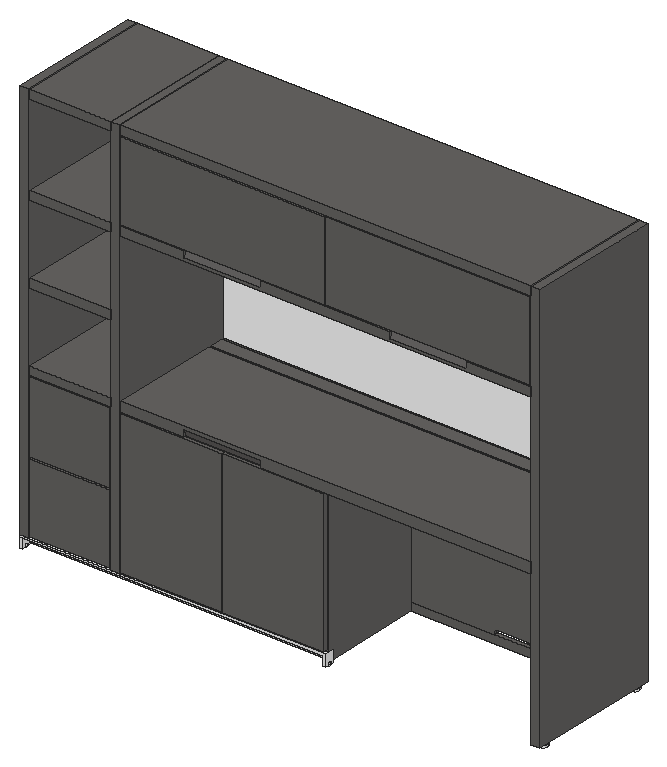
Revit family "Storage-Wall-Teknion-ZXLL_74_High_With_Lights-R2011", category Furniture Systems, Revit 2013
Parameters (values of type "(See Type Catalog)")
  Working Wall Finish [instance] = Glass - Teknion - K6 - White Backpainted
  Width = 92.642"
  Warranty = "http://www.teknionstudio.com/pdfs/Teknion%20Studio%20Warranty.pdf"
  Wall Unit Finish [instance] = Veneer - Teknion - P7 - Grey Oak
  Voltage = 120 V
  Unit Weight = 685.00 lbf
  URL = "www.teknionstudio.com"
  Tabletop Cutout Offset = if(Has Double Doors, 0", 4")  # 0"
  Storage Tower = Storage-Unit-Teknion-Tower : Upper Shelves & File/File Pedestal
  Series = "B&B Italia"
  Product Page URL = "http://www.teknionstudio.com/acexecutive/"
  Product Line = "AC Executive"
  Product Documentation Link = "http://www.teknionstudio.com/pricing/ac_executive_storage_walls_ppg.pdf"
  Power Factor = 1
  Part Number = "ZXLL"
  Number of Poles = 1
  Model = ""
  Manufacturer Phone = "919-464-2920"
  Manufacturer Fax = "919-464-2927"
  Manufacturer Email = "customersupport@teknionstudio.com"
  Manufacturer Address = "3940 US 70 Business HWY West, Clayton, NC 27520"
  Manufacturer = "Teknion Studio"  # constant formula
  Low Emitting Material = yes
  Low Emitting Finish = yes
  Height = 73.81394"
  Has File File Drawers = not(Has Double Doors)  # no
  Has Double Doors = yes
  Description = ""
  Depth = 24"
  Assembly Code = "E2020200"
  Apparent Load = 22.8 VA
Reference planes (in)
  plane 1 "Center F/B": y = 0
  plane 2: z = 0
  plane 3 "Back": y = 12
  plane 4 "Front": y = -12
  plane 5 "Top": z = 73.81394
  plane 6: x = 28.60446
  plane 7: z = 29.68402
  plane 8: z = 56.1289
  plane 9: x = -44.7815
  plane 10: z = 2.1289
  plane 11: x = -8.08858
  plane 12 "Foot Centerline": y = -11.2126
  plane 13 "Tabletop Cutout": y = -12
  plane 14 "Foot Centerline Front": y = -10.22835
  plane 15 "Foot Centerline Back": y = 10.22835
  plane 16: y = -8.484
  plane 17 "Left": x = -62.49817
  plane 18 "Right": x = 30.14383
  plane 19 "Center L/R": x = -16.17717
Forms (in)
  Sweep 1, solid, material "Veneer - Teknion - P7 - Grey Oak" <- "Wall Unit Finish"
    path origin (0, 0, 15.40683) x (-1, 0, 0) y (0, -1, 0)
      loop
        line (0, -12) -> (0, 12)
    profile origin (0, 0, 15.40683) x (1, 0, 0) y (0, 0, 1)
      loop
        line (30.14383, -14.81732) -> (30.14383, 58.4071) -> (28.60446, 58.4071) -> (28.60446, -14.81732) -> (30.14383, -14.81732)
  Sweep 2, solid, material "Metal - Teknion - C6 - Chrome"
    path origin (0, 0, 0) x (1, 0, 0) y (0, 0, 1)
      loop
        line (-44.7815, 2.1289) -> (-8.08858, 2.1289) -> (-8.08858, 0.05803)
    profile origin (-26.43504, 0, 2.1289) x (0, 0, 1) y (0, -1, 0)
      loop
        line (0, 12) -> (-0.394, 12) -> (-0.394, 10.4252) -> (0, 10.4252) -> (0, 12)
  Sweep 3, solid, material "Metal - Teknion - C6 - Chrome"
    path origin (0, 0, 0) x (1, 0, 0) y (0, 0, 1)
      loop
        line (-44.7815, 2.1289) -> (-8.08858, 2.1289)
    profile origin (-26.43504, 0, 2.1289) x (0, 0, 1) y (0, -1, 0)
      loop
        line (-0.394, 10.6222) -> (-1.5748, 10.6222) -> (-1.5748, 10.4252) -> (-0.394, 10.4252) -> (-0.394, 10.6222)
  Sweep 4, solid, material "Veneer - Teknion - P7 - Grey Oak" <- "Wall Unit Finish"
    path origin (0, 0, 0) x (1, 0, 0) y (0, 0, 1)
      loop
        line (-44.7815, 29.68402) -> (28.60446, 29.68402)
    profile origin (-8.08852, 0, 29.68402) x (0, 0, 1) y (0, -1, 0)
      loop
        line (0, 12) -> (-1.7638, 12) -> (-1.7638, -7.11393) -> (-5.30827, -7.11393) -> (-5.30827, -7.08268) -> (-27.55512, -7.08268) -> (-27.55512, -7.11393) -> (-29.0945, -7.11393) -> (-29.0945, -7.80668) -> (-5.30828, -7.80668) -> (-5.30828, -12) -> (44.12992, -12) -> (44.12992, 12) -> (42.59022, 12) -> (42.59022, 11.2126) -> (27.98392, 11.2126) -> (27.98392, 12) -> (26.44488, 12) -> (26.44488, -10.94094) -> (0, -10.94094) -> (0, -10.90969) -> (-0.72441, -10.90969) -> (-0.72441, -10.56693) -> (0, -10.56693) -> (0, -8.05709) -> (-0.72441, -8.05709) -> (-0.72441, -7.80709) -> (0, -7.80709) -> (0, 12)
  Sweep 5, solid, material "Veneer - Teknion - P7 - Grey Oak" <- "Wall Unit Finish"
    path origin (0, 0, 0) x (1, 0, 0) y (0, 0, 1)
      loop
        line (-44.7815, 29.68402) -> (-8.08858, 29.68402)
    profile origin (-26.43504, 0, 29.68402) x (0, 0, 1) y (0, -1, 0)
      loop
        line (-1.7638, 11.27559) -> (-27.55512, 11.27559) -> (-27.55512, 10.4252) -> (-29.0945, 10.4252) -> (-29.0945, -12) -> (-1.7638, -12) -> (-1.7638, 11.27559)
  Sweep 6, solid, material "Veneer - Teknion - P7 - Grey Oak" <- "Wall Unit Finish"
    path origin (0, 0, 15.40683) x (-1, 0, 0) y (0, -1, 0)
      loop
        line (16.17717, 12) -> (16.17717, 11.276)
    profile origin (-16.17717, -11.638, 15.40683) x (-1, 0, 0) y (0, 0, 1)
      loop
        line (28.35433, 42.5111) -> (28.35433, 56.6174) -> (-7.96358, 56.6174) -> (-7.96358, 42.5111) -> (28.35433, 42.5111)
      loop
        line (-8.21358, 56.6174) -> (-44.53163, 56.6174) -> (-44.53163, 42.5111) -> (-8.21358, 42.5111) -> (-8.21358, 56.6174)
  Sweep 7, solid, material "Veneer - Teknion - P7 - Grey Oak" <- "Wall Unit Finish", visible <- "Has Double Doors"
    path origin (0, 0, 15.40683) x (-1, 0, 0) y (0, -1, 0)
      loop
        line (16.17717, 12) -> (16.17717, 11.276)
    profile origin (-16.17717, -11.638, 15.40683) x (-1, 0, 0) y (0, 0, 1)
      loop
        line (-7.83845, 12.26339) -> (-7.83845, -13.03482) -> (10.15274, -13.03482) -> (10.15274, 12.26339) -> (-7.83845, 12.26339)
      loop
        line (10.40274, 12.26339) -> (10.40274, -13.03482) -> (28.35446, -13.03482) -> (28.35446, 12.26339) -> (10.40274, 12.26339)
  Sweep 8, solid, material "Veneer - Teknion - P7 - Grey Oak" <- "Wall Unit Finish", visible <- "Has File File Drawers"
    path origin (0, 0, 15.40683) x (-1, 0, 0) y (0, -1, 0)
      loop
        line (16.17717, 12) -> (16.17717, 11.276)
    profile origin (-16.17717, -11.638, 15.40683) x (-1, 0, 0) y (0, 0, 1)
      loop
        line (-7.83845, 12.26339) -> (-7.83845, 0.01144) -> (28.35446, 0.01144) -> (28.35446, 12.26339) -> (-7.83845, 12.26339)
      loop
        line (28.35446, -0.77597) -> (-7.83845, -0.77597) -> (-7.83845, -13.03482) -> (28.35446, -13.03482) -> (28.35446, -0.77597)
  Sweep 9, void
    path origin (0, 0, 0) x (1, 0, 0) y (0, 0, 1)
      loop
        line (-33.34466, 29.68402) -> (-19.56514, 29.68402)
    profile origin (-26.4549, 0, 29.68402) x (0, 0, 1) y (0, -1, 0)
      loop
        line (-1.7638, 12) -> (-1.7638, 11.52756) -> (-0.66143, 12) -> (-1.7638, 12)
  Sweep 10, void
    path origin (0, 0, 0) x (1, 0, 0) y (0, 0, 1)
      loop
        line (-33.3248, 56.1289) -> (-19.54528, 56.1289)
    profile origin (-26.43504, 0, 56.1289) x (0, 0, 1) y (0, -1, 0)
      loop
        line (1.53937, 12) -> (0.43699, 12) -> (1.53937, 11.52755) -> (1.53937, 12)
  Sweep 11, void
    path origin (0, 0, 0) x (1, 0, 0) y (0, 0, 1)
      loop
        line (3.36811, 56.1289) -> (17.14764, 56.1289)
    profile origin (10.25787, 0, 56.1289) x (0, 0, 1) y (0, -1, 0)
      loop
        line (1.53937, 11.52755) -> (1.53937, 12) -> (0.43699, 12) -> (1.53937, 11.52755)
  Sweep 12, void
    path origin (0, 0, 15.40683) x (-1, 0, 0) y (0, -1, 0)
      loop
        line (0, -7.80668) -> (0, -7.08268)
    profile origin (0, 7.44468, 15.40683) x (1, 0, 0) y (0, 0, 1)
      loop
        line (6.83281, 8.96892) -> (6.83281, 8.10396)
        arc (6.83281, 8.10396) -> (7.06344, 7.54718) -> (7.62021, 7.31655) r 0.7874
        line (7.62021, 7.31655) -> (12.93517, 7.31655)
        arc (12.93517, 7.31655) -> (13.49195, 7.54718) -> (13.72257, 8.10396) r 0.7874
        line (13.72257, 8.10396) -> (13.72257, 8.96892) -> (6.83281, 8.96892)
      loop
        line (13.72257, -13.27793) -> (13.72257, -13.12045)
        arc (13.72257, -13.12045) -> (13.50348, -12.59152) -> (12.97454, -12.37242) r 0.74803
        line (12.97454, -12.37242) -> (7.58084, -12.37242)
        arc (7.58084, -12.37242) -> (7.0519, -12.59152) -> (6.83281, -13.12045) r 0.74803
        line (6.83281, -13.12045) -> (6.83281, -13.27793) -> (13.72257, -13.27793)
  Revolve 13, solid, material "Metal - Teknion - C6 - Chrome"
    sketch origin (38.23227, -11.2126, 0) x (0, 0, -1) y (1, 0, 0)
      loop
        line (-0.4911, -46.51785) -> (-0.4911, -46.8525) -> (-0.45173, -46.89187) -> (-0.28492, -46.89187) -> (-0.24555, -46.8525) -> (-0.20618, -46.89187) -> (-0.03937, -46.89187) -> (0, -46.8525) -> (0, -46.51785) -> (-0.4911, -46.51785)
      axis (0, -46.51785) -> (-0.4911, -46.51785)
    angle from 0 to 360
  Revolve 14, solid, material "Metal - Teknion - C6 - Chrome"
    sketch origin (0, -10.22835, 0) x (0, 0, 1) y (1, 0, 0)
      loop
        line (0.58951, 29.09181) -> (0.58951, 29.37571) -> (0, 29.37571) -> (0, 28.63616) -> (0.23622, 28.63616) -> (0.23622, 29.09181) -> (0.58951, 29.09181)
      axis (0.58951, 29.37571) -> (0, 29.37571)
    angle from 0 to 360
  Revolve 15, solid, material "Metal - Teknion - C6 - Chrome"
    sketch origin (0, 10.22835, 0) x (0, 0, 1) y (1, 0, 0)
      loop
        line (0.58951, 29.37571) -> (0, 29.37571) -> (0, 28.63616) -> (0.23622, 28.63616) -> (0.23622, 29.09181) -> (0.58951, 29.09181) -> (0.58951, 29.37571)
      axis (0, 29.37571) -> (0.58951, 29.37571)
    angle from 0 to 360
Cuts and joins
  joined: Sweep 2, Sweep 3
  Sweep 9, Sweep 10, Sweep 11, Sweep 12 cuts Sweep 4
  joined: Sweep 4, Sweep 5
Lines and regions (in)
  Masking region 1
    outline origin (0, 0, 15.40683) x (-1, 0, 0) y (0, -1, 0)
      loop
        line (44.7815, -12) -> (44.7815, 12) -> (-30.14383, 12) -> (-30.14383, -12) -> (44.7815, -12)
  symbolic lines, style "Elevation Swing"
    curve 1: line (-44.7815, -12, 57.66827) -> (-26.43504, -12, 72.02424)
    curve 2: line (-8.08858, -12, 57.66832) -> (-26.43504, -12, 72.02424)
    curve 3: line (-8.08858, 0, 57.66832) -> (10.25794, 0, 72.19583)
    curve 4: line (10.25794, 0, 72.19583) -> (28.60446, 0, 57.66827)
  symbolic lines, style "Elevation Swing", visible <- "Has Double Doors"
    curve 5: line (-26.5799, 0, 27.67022) -> (-44.53163, 0, 15.02111)
    curve 6: line (-44.53163, 0, 15.02111) -> (-26.5799, 0, 2.37201)
    curve 7: line (-26.3299, 0, 2.37201) -> (-8.33872, 0, 15.02456)
    curve 8: line (-8.33872, 0, 15.02456) -> (-26.3299, 0, 27.67022)
  symbolic lines, detail levels medium+fine
    curve 9: line (28.60446, 12, 15.40683) -> (28.60446, -12, 15.40683)
  symbolic lines, style "FurnitureSystemsHiddenLines", detail levels fine
    curve 10: line (-44.7815, -11.276, 15.40683) -> (28.60446, -11.276, 15.40683)
    curve 13: line (-8.08858, 12, 15.40683) -> (-8.08858, -12, 15.40683)
  symbolic lines, visible <- "Has Double Doors"
    curve 11: arc (-26.43497, -12, 15.40683) -> (-21.06144, -24.97286, 15.40683) -> (-8.08858, -30.34639, 15.40683) r 18.34639
    curve 12: line (-8.08858, -12, 15.40683) -> (-8.08858, -30.34639, 15.40683)
    curve 14: arc (-26.43511, -12, 15.40683) -> (-31.80864, -24.97286, 15.40683) -> (-44.7815, -30.34639, 15.40683) r 18.34639
    curve 15: line (-44.7815, -12, 15.40683) -> (-44.7815, -30.34639, 15.40683)
Dimensions and locks (in)
  "Width": plane 17 "Left" to plane 18 "Right"
  equal spacing: plane 3 "Back", plane 1 "Center F/B", plane 4 "Front"
  "Depth": plane 3 "Back" to plane 4 "Front"
  "Height": plane 5 "Top" to plane 2
  locked: plane 7 to plane 2 at 29.68402
  locked: plane 8 to plane 7 at 26.44488
  locked: plane 10 to plane 2 at 2.1289
  locked: Sweep 2 sketch curve to plane 2 at 0.05803
  locked: plane 10 to Sweep 3 sketch curve at 0.394
  locked: Sweep 3 sketch curve to Sweep 3 sketch curve at 1.1808
  plane 4 "Front" to Sweep 3 sketch curve to Sweep 3 sketch curve = 1.3778" locked, 0.197" locked
  locked: plane 4 "Front" to plane 12 "Foot Centerline" at 0.7874
  locked: plane 10 to Sweep 4 sketch curve at 1.53939
  locked: plane 7 to Sweep 4 sketch curve at 1.7638
  Sweep 5 sketch curve to Sweep 5 sketch curve to plane 3 "Back" = 23.27559", 0"
  locked: plane 7 to Sweep 5 sketch curve at 1.7638
  locked: plane 4 "Front" to Sweep 5 sketch curve at 1.5748
  locked: plane 4 "Front" to Sweep 6 sketch curve at 0.724
  plane 5 "Top" to Sweep 6 sketch curve to Sweep 6 sketch curve = 1.7897" locked, 14.1063" locked  (x2)
  Sweep 6 sketch curve to Sweep 6 sketch curve to Sweep 6 sketch curve to Sweep 6 sketch curve = 36.31805", 1/4", 36.31791"
  locked: plane 4 "Front" to Sweep 7 sketch curve at 0.724
  locked: plane 4 "Front" to Sweep 8 sketch curve at 0.724
  locked: Sweep 9 sketch curve to Sweep 9 sketch curve at 13.77953
  locked: plane 7 to Sweep 9 sketch curve at 1.7638
  locked: plane 13 "Tabletop Cutout" to Sweep 9 sketch curve at 0.47244
  "Tabletop Cutout Offset": plane 13 "Tabletop Cutout" to plane 4 "Front"
  locked: Sweep 10 sketch curve to Sweep 10 sketch curve at 13.77953
  locked: Sweep 10 sketch curve to plane 8 at 1.53937
  locked: Sweep 10 sketch curve to plane 8 at 0.43699
  locked: plane 4 "Front" to Sweep 10 sketch curve at 0.47245
  Sweep 11 sketch curve to Sweep 11 sketch curve to plane 8 = 1.10238" locked, 0.43699" locked
  locked: plane 4 "Front" to Sweep 11 sketch curve at 0.47245
  plane 3 "Back" to Sweep 12 sketch curve to Sweep 12 sketch curve = 4.19332" locked, 0.724" locked
  equal spacing: plane 11, curve 2, plane 9
  equal spacing: plane 6, curve 4, plane 11
  locked: plane 4 "Front" to curve 10 at 0.724
  locked: plane 3 "Back" to plane 15 "Foot Centerline Back" at 1.77165
  locked: plane 4 "Front" to plane 14 "Foot Centerline Front" at 1.77165
  locked: plane 4 "Front" to plane 16 at 3.516
  locked: plane 17 "Left" to plane 9 at 17.71667
  locked: Sweep 7 sketch curve to Sweep 7 sketch curve at 25.29821  (x2)
  Sweep 7 sketch curve to Sweep 7 sketch curve to Sweep 7 sketch curve to Sweep 7 sketch curve = 17.95173" locked, 1/4" locked, 17.99118" locked
  Sweep 8 sketch curve to Sweep 8 sketch curve to Sweep 8 sketch curve to Sweep 8 sketch curve = 12.25195" locked, 0.7874" locked, 12.25886" locked
  locked: Sweep 8 sketch curve to Sweep 8 sketch curve at 36.19291  (x2)
  locked: Sweep 12 sketch curve to Sweep 12 sketch curve at 6.88976  (x2)
  locked: Sweep 12 sketch curve to Sweep 12 sketch curve at 1.65236
  locked: Sweep 1 sketch curve to plane 6 at 1.53937
  Revolve 13 sketch curve to Revolve 13 sketch curve to Revolve 13 sketch curve to Revolve 13 sketch curve to Revolve 13 sketch curve = 0.16681" locked, 0.03937" locked, 0.03937" locked, 0.16681" locked
  locked: plane 11 to Sweep 10 sketch curve at 11.45669
  Sweep 11 sketch curve to Sweep 11 sketch curve to plane 11 = 13.77953" locked, 11.45669" locked
  locked: plane 11 to Sweep 12 sketch curve at 14.92139
  locked: Sweep 12 sketch curve to plane 11 at 14.92139
  locked: Sweep 8 sketch curve to plane 11 at 0.25013
  plane 11 to Sweep 8 sketch curve = 36.44305"
  locked: plane 7 to Sweep 8 sketch curve at 2.0138
  locked: plane 7 to Sweep 7 sketch curve at 2.0138  (x2)
  locked: plane 6 to plane 18 "Right" at 1.53937
  equal spacing: plane 17 "Left", plane 19 "Center L/R", plane 18 "Right"
  locked: plane 19 "Center L/R" to plane 11 at 8.08858
  locked: Sweep 6 sketch curve to plane 6 at 0.25
  locked: Sweep 9 sketch curve to plane 9 at 11.43683
  locked: plane 11 to Sweep 8 sketch curve at 0.25013
  locked: plane 11 to Sweep 7 sketch curve at 0.25013
  locked: Sweep 1 sketch curve to plane 2 at 0.58951
  locked: plane 11 to Revolve 13 sketch curve at 0.197  (x2)
  locked: plane 18 "Right" to Revolve 14 sketch curve at 0.76813
  Revolve 14 sketch curve to Revolve 14 sketch curve to plane 2 = 0.35329" locked, 0.23622" locked
  Revolve 15 sketch curve to Revolve 15 sketch curve to plane 2 = 0.35329" locked, 0.23622" locked
  plane 18 "Right" to Revolve 15 sketch curve to Revolve 15 sketch curve to Revolve 15 sketch curve = 0.76813" locked, 0.2839" locked, 0.45565" locked
  locked: plane 18 "Right" to Revolve 15 sketch curve at 0.76813
  aligned and locked: level to plane 2
  aligned and locked: plane 3 "Back" to Sweep 1 sketch curve
  aligned and locked: plane 4 "Front" to Sweep 1 sketch curve
  aligned and locked: Sweep 2 sketch curve to plane 10  (x2)
  aligned and locked: Sweep 2 sketch curve to plane 4 "Front"
  aligned and locked: Sweep 3 sketch curve to plane 10
  aligned and locked: plane 9 to Sweep 4 sketch curve
  aligned and locked: plane 6 to Sweep 4 sketch curve
  aligned and locked: Sweep 4 sketch curve to plane 7  (x4)
  aligned and locked: Sweep 4 sketch curve to plane 4 "Front"
  aligned and locked: plane 3 "Back" to Sweep 4 sketch curve
  aligned and locked: Sweep 5 sketch curve to plane 7
  aligned and locked: plane 10 to Sweep 5 sketch curve
  aligned and locked: plane 4 "Front" to Sweep 6 sketch curve
  aligned and locked: Sweep 4 sketch curve to plane 8
  aligned and locked: plane 4 "Front" to Sweep 7 sketch curve
  aligned and locked: plane 4 "Front" to Sweep 8 sketch curve
  aligned and locked: Sweep 9 sketch curve to plane 7
  aligned and locked: plane 13 "Tabletop Cutout" to Sweep 9 sketch curve
  aligned and locked: Sweep 10 sketch curve to plane 8
  aligned and locked: Sweep 11 sketch curve to plane 8
  aligned and locked: Sweep 11 sketch curve to plane 4 "Front"
  aligned and locked: plane 9 to curve 1
  aligned and locked: plane 11 to curve 2
  aligned and locked: Sweep 6 to curve 2
  aligned and locked: plane 6 to curve 4
  aligned and locked: Masking region 1 sketch curve to plane 3 "Back"
  aligned and locked: Masking region 1 sketch curve to plane 4 "Front"
  aligned and locked: plane 3 "Back" to curve 9
  aligned and locked: plane 4 "Front" to curve 9
  aligned and locked: plane 3 "Back" to curve 13
  aligned and locked: plane 4 "Front" to Sweep 10 sketch curve
  aligned and locked: Sweep 4 sketch curve to plane 5 "Top"
  aligned and locked: plane 12 "Foot Centerline" to Sweep 4 sketch curve
  aligned and locked: plane 4 "Front" to Sweep 4 sketch curve  (x2)
  aligned: plane 8 to nested 1
  aligned: plane 11 to nested 1
  aligned and locked: nested 1 to plane 16
  aligned and locked: plane 8 to nested 1
  aligned and locked: plane 11 to nested 1
  aligned and locked: Sweep 1 sketch curve to plane 6
  aligned and locked: plane 5 "Top" to Sweep 1 sketch curve
  aligned and locked: plane 10 to Sweep 12 sketch curve
  aligned and locked: Masking region 1 sketch curve to plane 18 "Right"
  aligned and locked: plane 9 to Masking region 1 sketch curve
  aligned and locked: Sweep 7 sketch curve to plane 19 "Center L/R"
  aligned and locked: plane 1 "Center F/B" to Sweep 5 sketch curve
  aligned and locked: Sweep 8 sketch curve to plane 19 "Center L/R"
  aligned and locked: Sweep 6 sketch curve to plane 19 "Center L/R"
  aligned and locked: nested 2 to plane 2
  aligned and locked: Sweep 7 to curve 7
  aligned and locked: curve 6 to Sweep 7
  aligned and locked: curve 8 to Sweep 7
  aligned and locked: Sweep 7 to curve 5
  aligned and locked: Sweep 7 to Sweep 7
  aligned and locked: Sweep 7 to curve 6
  aligned and locked: curve 7 to Sweep 7
  aligned and locked: Sweep 7 to curve 8
  aligned and locked: Revolve 13 sketch curve to Revolve 13 sketch curve
  aligned and locked: Revolve 13 sketch curve to plane 2
  aligned and locked: plane 9 to nested 2
  aligned and locked: nested 2 to plane 1 "Center F/B"
  aligned and locked: plane 9 to Sweep 5 sketch curve
  aligned and locked: plane 11 to Sweep 5 sketch curve
  aligned and locked: plane 9 to Sweep 2 sketch curve
  aligned and locked: plane 9 to Sweep 3 sketch curve
  aligned and locked: Sweep 2 sketch curve to plane 11
  aligned and locked: plane 11 to Sweep 3 sketch curve
  aligned and locked: Revolve 15 sketch curve to plane 2
  aligned and locked: curve 12 to plane 11
  aligned and locked: curve 9 to plane 6
  aligned and locked: curve 15 to plane 9
  aligned and locked: plane 4 "Front" to curve 15
  aligned and locked: plane 4 "Front" to curve 12
  aligned and locked: plane 4 "Front" to curve 14
  aligned and locked: plane 4 "Front" to curve 11
  aligned and locked: plane 9 to curve 10
Automatic sketch dimensions
  plane 8 to curve 2 = 1.53942"
  plane 8 to curve 1 = 1.53937"
  profile plane to Sweep 2 sketch curve = 0.394"
  Sweep 2 sketch curve to Sweep 2 sketch curve = 1.5748"
  Sweep 4 sketch curve to Sweep 4 sketch curve = 1.53939"
  Sweep 4 sketch curve to Sweep 4 sketch curve = 3.54449"
  Sweep 4 sketch curve to Sweep 4 sketch curve = 0"
  profile plane to Sweep 4 sketch curve = 0.72441"  (x2)
  Sweep 4 sketch curve to Sweep 4 sketch curve = 1.53904"
  Sweep 4 sketch curve to Sweep 4 sketch curve = 1.5397"
  Sweep 4 sketch curve to Sweep 4 sketch curve = 1.05906"
  Sweep 4 sketch curve to Sweep 4 sketch curve = 1/32"  (x2)
  Sweep 4 sketch curve to Sweep 4 sketch curve = 0.34277"
  Sweep 4 sketch curve to Sweep 4 sketch curve = 2.50984"
  Sweep 4 sketch curve to Sweep 4 sketch curve = 1/4"
  Sweep 4 sketch curve to plane 1 "Center F/B" = 7.80668"
  Sweep 4 sketch curve to Sweep 4 sketch curve = 0.69275"
  Sweep 4 sketch curve to Sweep 4 sketch curve = 0.69316"
  Sweep 5 sketch curve to plane 11 = 36.69291"
  Sweep 5 sketch curve to plane 6 = 36.69305"
  Sweep 5 sketch curve to Sweep 5 sketch curve = 1.53939"
  profile plane to Sweep 9 sketch curve = 0.66143"
  profile plane to Sweep 12 sketch curve = 8.96892"
  Sweep 12 sketch curve to Sweep 12 sketch curve = 0.74803"  (x2)
  Sweep 12 sketch curve to Sweep 12 sketch curve = 0.7874"  (x2)
  Sweep 12 sketch curve to Sweep 12 sketch curve = 0.15748"
  plane 11 to Sweep 1 sketch curve = 8.08858"
  plane 11 to Sweep 12 sketch curve = 8.08858"
  curve 3 to plane 11 = 0"
  curve 8 to plane 6 = 36.94318"
  curve 8 to curve 5 = 0"
  plane 10 to curve 8 = 12.89566"
  plane 10 to curve 6 = 12.89222"
  plane 10 to curve 6 = 0.24311"
  plane 8 to curve 4 = 1.53937"
  plane 8 to curve 3 = 1.53942"
  curve 3 to plane 5 "Top" = 1.61811"
  level to Revolve 13 sketch curve = 0.03937"
  Revolve 13 sketch curve to Revolve 13 sketch curve = 0.03937"  (x2)
  Revolve 13 sketch curve to Revolve 13 sketch curve = 0.7589"
  Revolve 13 sketch curve to level = 1"
  Revolve 13 sketch curve to Revolve 13 sketch curve = 0.33465"  (x2)
  Revolve 13 sketch curve to Revolve 13 sketch curve = 0"
  Revolve 14 sketch curve to level = 0"
  Revolve 14 sketch curve to level = 0.3423"
  Revolve 14 sketch curve to Revolve 14 sketch curve = 0.39671"
  Revolve 14 sketch curve to Revolve 14 sketch curve = 0"
  Revolve 14 sketch curve to Revolve 14 sketch curve = 0.2839"
  plane 6 to Revolve 14 sketch curve = 0.03169"
  Revolve 15 sketch curve to level = 0.2361"
  Revolve 15 sketch curve to Revolve 15 sketch curve = 0.39671"
  plane 19 "Center L/R" to curve 14 = 10.25794"
  curve 11 to curve 14 = 0.00013"
Nested families (in)
  nested 1: "Lighting-Teknion-Storage_Wall" at (-8.08858, 0.12401, 56.1289), type "Lighting-Teknion-Storage_Wall"
  nested 2: "Storage-Unit-Teknion-Tower" at (-53.63976, 0, 0) x (-1, 0, 0) z (0, 0, 1), type <- "Storage Tower", Height <- "Height", type "Upper Shelves & File/File Pedestal"
    with Height 73.81394", Has Top Shelf no, Bottom Drawer Height 13.047"
Connectors (in)
  electrical at (-8.08854, 12, 32.92639), driven by "Number of Poles", driven by "Voltage", driven by "Apparent Load", driven by "Power Factor"
    settings: on cut or joined group of Sweep 4, Sweep 5, Sweep 9, Sweep 10, Sweep 11, Sweep 12, index 1, voltage 120 V, apparent load 0 VA, apparent load phase1 22.8 VA, apparent load phase2 0 VA, apparent load phase3 0 VA, power factor 1, load classification "Other", number of poles 1, system type 31, power factor state 1, is connector primary yes, connector utility no, sub classification motor no, connector description "Electrical Connector"
Definition of nested family "Lighting-Teknion-Storage_Wall"
  Parameters (values of type "Lighting-Teknion-Storage_Wall")
    Wattage = 4.03926 W
    built-in parameter 1150110 = 1 (stored number, unit not read)
    built-in parameter 1114217 = 1 (stored number, unit not read)
    built-in parameter 1150109 = 1 (stored number, unit not read)
    built-in parameter 1150134 = 1
    built-in parameter 1150113 = 1 (stored number, unit not read)
    Offset From Reference Level = 0"
    Lumens = 600 lm
    built-in parameter 1150115 = 1 (stored number, unit not read)
    built-in parameter 1150105 = 190.99 (stored number, unit not read)
    Light Source Symbol Size = 3"
    built-in parameter 1150137 = (empty or 0)
    built-in parameter 1150139 = (empty or 0)
    built-in parameter 1150112 = 1 (stored number, unit not read)
    built-in parameter 1150114 = 1 (stored number, unit not read)
    built-in parameter 1150132 = 2
    built-in parameter 1150102 = (empty or 0)
    built-in parameter 1150138 = (empty or 0)
    built-in parameter 1150107 = 6500 (stored number, unit not read)
    built-in parameter 1150106 = 1.9099 (stored number, unit not read)
    Emit from Line Length = 68"
    built-in parameter 1150104 = 13.8 (stored number, unit not read)
    Dimming Lamp Color Temperature Shift = 1
    Default Elevation = 48"
    Color Filter = 16776172
    built-in parameter 1114218 = 1 (stored number, unit not read)
    built-in parameter 1150133 = 10 (stored number, unit not read)
    Assembly Code = ""
  Reference planes (in)
    plane 1 "Light Source Axis (F/B)": y = -8.60801
    plane 2: z = 0
    plane 3 "Light Source Axis (L/R)": x = 0
    plane 4 "Light Source Elevation": z = 0
    plane 5: z = 0
    plane 6: x = -36.6875
    plane 7: x = 36.6875
  Forms (in)
    Sweep 1, solid, material "Glass - Teknion - CL - Clear"
      path origin (0, 0, 0) x (1, 0, 0) y (0, 1, 0)
        loop
          line (-36.6875, -8.60801) -> (36.6875, -8.60801)
      profile origin (0, -8.60801, 0) x (0, 1, 0) y (0, 0, 1)
        loop
          line (-0.51562, 0) -> (-0.51562, -0.40625) -> (0.51563, -0.40625) -> (0.51563, 0) -> (-0.51562, 0)
  Dimensions and locks (in)
    equal spacing: plane 7, plane 3 "Light Source Axis (L/R)", plane 6
    locked: plane 7 to plane 6 at 73.375
    locked: plane 5 to Sweep 1 sketch curve at 0.40625
    equal spacing: Sweep 1 sketch curve, plane 1 "Light Source Axis (F/B)", Sweep 1 sketch curve
    locked: Sweep 1 sketch curve to Sweep 1 sketch curve at 1.03125
    aligned and locked: plane 3 "Light Source Axis (L/R)" to imposter light
    aligned and locked: plane 1 "Light Source Axis (F/B)" to imposter light
    aligned and locked: plane 4 "Light Source Elevation" to imposter light
    aligned and locked: level to plane 5
    aligned and locked: plane 5 to plane 2
    aligned and locked: plane 6 to Sweep 1 sketch curve
    aligned and locked: plane 7 to Sweep 1 sketch curve
    aligned and locked: plane 1 "Light Source Axis (F/B)" to Sweep 1 sketch curve
    aligned and locked: Sweep 1 sketch curve to profile plane
Definition of nested family "Storage-Unit-Teknion-Tower"
  Parameters (values of type "Upper Wardrobe & Lower Door")
    Width = 17.71654"
    Warranty = "http://www.teknionstudio.com/pdfs/Teknion%20Studio%20Warranty.pdf"
    Wall Unit Finish = Veneer - Teknion - P8 - Light Brushed Oak
    URL = "www.teknionstudio.com"
    Series = "B&B Italia"
    Product Line = "AC Executive"
    Model = ""
    Middle Drawer Height = if(Has Top Drawer, 6.425", 12.719")  # 12.719"
    Manufacturer Phone = "919-464-2920"
    Manufacturer Fax = "919-464-2927"
    Manufacturer Email = "customersupport@teknionstudio.com"
    Manufacturer Address = "3940 US 70 Business HWY West, Clayton, NC 27520"
    Manufacturer = "Teknion Studio"  # constant formula
    Height [instance] = 73.81394"
    Has Top Shelf [instance] = and(Height > 75", Has Shelves)  # no
    Has Top Drawer = no
    Has Top Door = yes
    Has Shelves = no
    Has Right Leg = yes
    Has Middle Drawer = no
    Has Lower Shelf = yes
    Has Left Leg = no
    Has Full Wardrobe Door = no
    Has Doors = yes
    Door Projection Symbol = yes
    Description = "Tower Storage Unit"
    Depth = 24"
    Bottom Drawer Height [instance] = if(Has Middle Drawer, 13.047", if(Has Top Drawer, 13.047", if(Has Full Wardrobe Door, (Height - 3.668"), 26.016")))  # 26.016"
    Assembly Code = "E2010200"
  Types (7): name | Wall Unit Finish | Series | Product Line | Middle Drawer Height | Has Top Drawer | Has Top Door | Has Shelves | Has Middle Drawer | Has Lower Shelf | Has Full Wardrobe Door | Has Doors | Door Projection Symbol | Bottom Drawer Height
    Upper Shelves & Lower Door | none | "AC Executive" | "" | 12.719" | no | no | yes | no | yes | no | yes | yes | 26.016"
    Upper Shelves & File/File Pedestal | none | "AC Executive" | "" | 12.719" | no | no | yes | yes | yes | no | no | no | 13.047"
    Upper Shelves & Box/Box/File Pedestal | Veneer - Teknion - P8 - Light Brushed Oak | "AC Executive" | "" | 6.425" | yes | no | yes | yes | yes | yes | no | no | 13.047"
    Full Wardrobe | none | "AC Executive" | "" | 12.719" | no | no | no | no | no | yes | yes | yes | 70.14594"
    Upper Wardrobe & Lower Door | Veneer - Teknion - P8 - Light Brushed Oak | "B&B Italia" | "AC Executive" | 12.719" | no | yes | no | no | yes | no | yes | yes | 26.016"
    Upper Wardrobe & File/File Pedestal | none | "AC Executive" | "" | 12.719" | no | yes | no | yes | yes | no | no | yes | 13.047"
    Upper Wardrobe & Box/Box/File Pedestal | none | "AC Executive" | "" | 6.425" | yes | yes | no | yes | yes | no | no | yes | 13.047"
  Reference planes (in)
    plane 1 "Center F/B": y = 0
    plane 2: z = 0
    plane 3 "Center L/R": x = 0
    plane 4 "Left": x = -8.85827
    plane 5 "Right": x = 8.85827
    plane 6 "Back": y = 12
    plane 7 "Front": y = -12
    plane 8 "Top": z = 73.81394
    plane 9: x = -7.3189
    plane 10: x = 7.3189
    plane 11: z = 2.1289
    plane 12 "Foot Centerline": y = -11.2126
    plane 13: z = 29.68402
    plane 14 "Drawer 1 Top": z = 28.1449
    plane 15 "Drawer 2 Top": z = 40.8639
    plane 16 "Drawer 3 Top": z = 27.89502
    plane 17: z = 42.13677
  Forms (in)
    Sweep 1, solid, material "Metal - Teknion - C6 - Chrome", visible <- "Has Left Leg"
      path origin (0, -12, 0) x (1, 0, 0) y (0, 0, 1)
        loop
          line (-8.85827, 1.7349) -> (-8.85827, 0.05803)
      profile origin (-8.85827, -12, 0.89646) x (0, -1, 0) y (1, 0, 0)
        loop
          line (-1.5748, 0) -> (0, 0) -> (0, 0.394) -> (-1.5748, 0.394) -> (-1.5748, 0)
    Sweep 2, solid, material "Metal - Teknion - C6 - Chrome"
      path origin (0, -12, 0) x (1, 0, 0) y (0, 0, 1)
        loop
          line (-8.85827, 2.1289) -> (8.46427, 2.1289)
      profile origin (-0.197, -12, 2.1289) x (0, 0, 1) y (0, -1, 0)
        loop
          line (-0.394, -1.5748) -> (-0.394, -1.3778) -> (-1.575, -1.3778) -> (-1.575, -1.5748) -> (-0.394, -1.5748)
    Revolve 3, solid, material "Metal - Teknion - C6 - Chrome"
      sketch origin (0, -11.2126, 0) x (0, 0, -1) y (1, 0, 0)
        loop
          line (-0.4911, 8.32677) -> (-0.45173, 8.2874) -> (-0.28492, 8.2874) -> (-0.24555, 8.32677) -> (-0.20618, 8.2874) -> (-0.03937, 8.2874) -> (0, 8.32677) -> (0, 8.66142) -> (-0.4911, 8.66142) -> (-0.4911, 8.32677)
        axis (0, 8.66142) -> (-0.4911, 8.66142)
      angle from 0 to 360
    Revolve 4, solid, material "Metal - Teknion - C6 - Chrome", visible <- "Has Left Leg"
      sketch origin (0, -11.2126, 0) x (0, 0, -1) y (1, 0, 0)
        loop
          line (0, -8.99606) -> (0, -8.66142) -> (-0.4911, -8.66142) -> (-0.4911, -8.99606) -> (-0.45173, -9.03543) -> (-0.28492, -9.03543) -> (-0.24555, -8.99606) -> (-0.20618, -9.03543) -> (-0.03937, -9.03543) -> (0, -8.99606)
        axis (0, -8.66142) -> (-0.4911, -8.66142)
      angle from 0 to 360
    Sweep 5, solid, material "Veneer - Teknion - P8 - Light Brushed Oak" <- "Wall Unit Finish"
      path origin (0, 0, 0) x (1, 0, 0) y (0, 0, 1)
        loop
          line (0, 2.1289) -> (0, 73.81394)
      profile origin (0, 0, 37.97142) x (-1, 0, 0) y (0, -1, 0)
        loop
          line (8.85827, -12) -> (8.85827, 12) -> (7.3189, 12) -> (7.3189, -12) -> (8.85827, -12)
        loop
          line (-7.3189, 12) -> (-8.85827, 12) -> (-8.85827, -12) -> (-7.3189, -12) -> (-7.3189, 12)
    Sweep 6, solid, material "Veneer - Teknion - P8 - Light Brushed Oak" <- "Wall Unit Finish"
      path origin (0, 0, 15.40683) x (-1, 0, 0) y (0, -1, 0)
        loop
          line (0, -12) -> (0, 12)
      profile origin (0, 0, 15.40683) x (1, 0, 0) y (0, 0, 1)
        loop
          line (-7.3189, 58.4071) -> (-7.3189, 56.86773) -> (7.3189, 56.86773) -> (7.3189, 58.4071) -> (-7.3189, 58.4071)
    Sweep 7, solid, material "Veneer - Teknion - P8 - Light Brushed Oak" <- "Wall Unit Finish"
      path origin (0, -12, 0) x (1, 0, 0) y (0, 0, 1)
        loop
          line (0, 2.1289) -> (0, 72.27457)
      profile origin (0, -12, 37.20173) x (-1, 0, 0) y (0, -1, 0)
        loop
          line (7.3189, -24) -> (7.3189, -23.25) -> (-7.3189, -23.25) -> (-7.3189, -24) -> (7.3189, -24)
    Sweep 8, solid, material "Veneer - Teknion - P8 - Light Brushed Oak" <- "Wall Unit Finish", visible <- "Has Lower Shelf"
      path origin (0, -12, 0) x (1, 0, 0) y (0, 0, 1)
        loop
          line (-7.3189, 29.68402) -> (7.3189, 29.68402)
      profile origin (0, -12, 29.68402) x (0, 0, 1) y (0, -1, 0)
        loop
          line (0, 0) -> (-1.539, 0) -> (-1.539, -0.724) -> (-27.55512, -0.724) -> (-27.55512, -23.25) -> (0, -23.25) -> (0, 0)
    Sweep 9, solid, material "Veneer - Teknion - P8 - Light Brushed Oak" <- "Wall Unit Finish"
      path origin (0, -12, 0) x (1, 0, 0) y (0, 0, 1)
        loop
          line (0, 2.3789) -> (0, 27.8949)
      profile origin (0, -12, 15.1369) x (-1, 0, 0) y (0, -1, 0)
        loop
          line (7.0689, -0.724) -> (7.0689, 0) -> (-7.0689, 0) -> (-7.0689, -0.724) -> (7.0689, -0.724)
    Sweep 10, solid, material "Veneer - Teknion - P8 - Light Brushed Oak" <- "Wall Unit Finish", visible <- "Has Middle Drawer"
      path origin (0, -12, 0) x (1, 0, 0) y (0, 0, 1)
        loop
          line (0, 28.1449) -> (0, 40.8639)
      profile origin (0, -12, 34.5044) x (-1, 0, 0) y (0, -1, 0)
        loop
          line (7.0689, -0.724) -> (7.0689, 0) -> (-7.0689, 0) -> (-7.0689, -0.724) -> (7.0689, -0.724)
    Sweep 11, solid, material "Veneer - Teknion - P8 - Light Brushed Oak" <- "Wall Unit Finish", visible <- "Has Top Drawer"
      path origin (0, -12, 0) x (1, 0, 0) y (0, 0, 1)
        loop
          line (0, 47.15802) -> (0, 41.1139)
      profile origin (0, -12, 44.13596) x (0, -1, 0) y (1, 0, 0)
        loop
          line (0, 7.0689) -> (-0.724, 7.0689) -> (-0.724, -7.0689) -> (0, -7.0689) -> (0, 7.0689)
    Sweep 12, solid, material "Veneer - Teknion - P8 - Light Brushed Oak" <- "Wall Unit Finish", visible <- "Has Shelves"
      path origin (0, -12, 0) x (1, 0, 0) y (0, 0, 1)
        loop
          line (0, 42.13677) -> (0, 43.67614)
      profile origin (0, -12, 42.90646) x (-1, 0, 0) y (0, -1, 0)
        loop
          line (7.3189, -23.25) -> (7.3189, 0) -> (-7.3189, 0) -> (-7.3189, -23.25) -> (7.3189, -23.25)
    Sweep 13, solid, material "Veneer - Teknion - P8 - Light Brushed Oak" <- "Wall Unit Finish", visible <- "Has Shelves"
      path origin (0, -12, 13.9918) x (1, 0, 0) y (0, 0, 1)
        loop
          line (0, 42.13677) -> (0, 43.67614)
      profile origin (0, -12, 56.89825) x (-1, 0, 0) y (0, -1, 0)
        loop
          line (7.3189, -23.25) -> (7.3189, 0) -> (-7.3189, 0) -> (-7.3189, -23.25) -> (7.3189, -23.25)
    Sweep 14, solid, material "Veneer - Teknion - P8 - Light Brushed Oak" <- "Wall Unit Finish", visible <- "Has Top Door"
      path origin (0, -12, 0) x (1, 0, 0) y (0, 0, 1)
        loop
          line (0, 29.93402) -> (0, 72.02457)
      profile origin (0, -12, 50.97929) x (-1, 0, 0) y (0, -1, 0)
        loop
          line (7.0689, -0.724) -> (7.0689, 0) -> (-7.0689, 0) -> (-7.0689, -0.724) -> (7.0689, -0.724)
    Sweep 15, solid, material "Veneer - Teknion - P8 - Light Brushed Oak" <- "Wall Unit Finish"
      path origin (0, -12, 0) x (1, 0, 0) y (0, 0, 1)
        loop
          line (-8.85827, 2.1289) -> (8.85827, 2.1289)
      profile origin (0, -12, 2.1289) x (0, 0, 1) y (0, -1, 0)
        loop
          line (0, -1.5748) -> (-1.53937, -1.5748) -> (-1.53937, -24) -> (0, -24) -> (0, -1.5748)
    Sweep 16, solid, material "Veneer - Teknion - P8 - Light Brushed Oak" <- "Wall Unit Finish", visible <- "Has Top Shelf"
      path origin (0, 0, 0) x (1, 0, 0) y (0, 0, 1)
        loop
          line (0, 73.81394) -> (0, 72.27457)
      profile origin (0, 0, 73.04425) x (0, -1, 0) y (1, 0, 0)
        loop
          line (-11.25, -7.3189) -> (12, -7.3189) -> (12, 7.3189) -> (-11.25, 7.3189) -> (-11.25, -7.3189)
    Sweep 17, solid, material "Metal - Teknion - C6 - Chrome"
      path origin (0, 0, 0) x (1, 0, 0) y (0, 0, 1)
        loop
          line (-8.85827, 2.1289) -> (8.85827, 2.1289)
      profile origin (0, 0, 2.1289) x (0, 0, 1) y (0, -1, 0)
        loop
          line (0, 10.4252) -> (0, 12) -> (-0.394, 12) -> (-0.394, 10.4252) -> (0, 10.4252)
    Sweep 18, solid, material "Metal - Teknion - C6 - Chrome"
      path origin (0, 0, 0) x (1, 0, 0) y (0, 0, 1)
        loop
          line (8.85827, 1.7349) -> (8.85827, 0.05803)
      profile origin (8.85827, 0, 0.89646) x (0, -1, 0) y (1, 0, 0)
        loop
          line (10.4252, -0.394) -> (12, -0.394) -> (12, 0) -> (10.4252, 0) -> (10.4252, -0.394)
  Lines and regions (in)
    Masking region 1
      outline origin (0, 0, 15.40683) x (-1, 0, 0) y (0, -1, 0)
        loop
          line (8.85827, -12) -> (8.85827, 12) -> (-8.85827, 12) -> (-8.85827, -12) -> (8.85827, -12)
    symbolic lines, style "FurnitureSystems", detail levels medium+fine
      curve 1: line (-7.3189, 12, 15.40683) -> (-7.3189, -12, 15.40683)
      curve 2: line (7.3189, 12, 15.40683) -> (7.3189, -12, 15.40683)
    symbolic lines, style "FurnitureSystemsHiddenLines", detail levels fine
      curve 3: line (-7.3189, -11.276, 15.40683) -> (7.3189, -11.276, 15.40683)
    symbolic lines, style "Elevation Swing", visible <- "Has Doors"
      curve 4: line (-7.3189, -12, 2.1289) -> (7.3189, -12, 15.1369)
      curve 5: line (7.3189, -12, 15.1369) -> (-7.3189, -12, 28.1449)
    symbolic lines, style "Elevation Swing", visible <- "Has Top Door"
      curve 6: line (-7.3189, -12, 29.68402) -> (7.3189, -12, 50.97929)
      curve 7: line (7.3189, -12, 50.97929) -> (-7.3189, -12, 72.27457)
    symbolic lines, style "FurnitureSystems", visible <- "Door Projection Symbol"
      curve 8: arc (-7.3189, -12, 0) -> (-3.03159, -22.35048, 0) -> (7.3189, -26.6378, 0) r 14.6378
    symbolic lines, visible <- "Door Projection Symbol"
      curve 9: line (7.3189, -12, 15.40683) -> (7.3189, -26.6378, 15.40683)
  Dimensions and locks (in)
    equal spacing: plane 4 "Left", plane 3 "Center L/R", plane 5 "Right"
    "Width": plane 4 "Left" to plane 5 "Right"
    equal spacing: plane 6 "Back", plane 1 "Center F/B", plane 7 "Front"
    "Depth": plane 6 "Back" to plane 7 "Front"
    locked: plane 4 "Left" to plane 9 at 1.53937
    locked: plane 10 to plane 5 "Right" at 1.53937
    "Height": plane 8 "Top" to level
    locked: Sweep 1 sketch curve to level at 0.05803
    locked: plane 11 to plane 2 at 2.1289
    plane 11 to Sweep 2 sketch curve to Sweep 2 sketch curve = 0.394" locked, 1.181" locked
    plane 7 "Front" to Sweep 2 sketch curve to Sweep 2 sketch curve = 1.3778" locked, 0.197" locked
    locked: Revolve 3 sketch curve to plane 2 at 0.4911  (x2)
    locked: plane 5 "Right" to Revolve 3 sketch curve at 0.57087
    locked: plane 7 "Front" to plane 12 "Foot Centerline" at 0.7874
    Revolve 3 sketch curve to Revolve 3 sketch curve to Revolve 3 sketch curve to Revolve 3 sketch curve to plane 2 = 0.16681" locked, 0.07874" locked, 0.16681" locked, 0.03937" locked
    locked: Revolve 4 sketch curve to plane 2 at 0.4911  (x2)
    locked: Revolve 4 sketch curve to Revolve 4 sketch curve at 0.37402
    Revolve 4 sketch curve to Revolve 4 sketch curve to Revolve 4 sketch curve to Revolve 4 sketch curve to plane 2 = 0.16681" locked, 0.07874" locked, 0.16681" locked, 0.03937" locked
    locked: Revolve 4 sketch curve to plane 4 "Left" at 0.19685
    locked: plane 8 "Top" to Sweep 6 sketch curve at 1.53937
    locked: plane 8 "Top" to Sweep 7 sketch curve at 1.53937
    locked: plane 6 "Back" to Sweep 7 sketch curve at 0.75
    locked: plane 13 to plane 2 at 29.68402
    locked: plane 7 "Front" to Sweep 8 sketch curve at 0.724
    locked: plane 13 to Sweep 8 sketch curve at 1.539
    locked: plane 13 to plane 16 "Drawer 3 Top" at 1.789
    "Bottom Drawer Height": plane 14 "Drawer 1 Top" to plane 11
    "Middle Drawer Height": plane 15 "Drawer 2 Top" to plane 14 "Drawer 1 Top"
    locked: plane 14 "Drawer 1 Top" to Sweep 9 sketch curve at 0.25
    locked: plane 7 "Front" to Sweep 9 sketch curve at 0.724
    locked: Sweep 10 sketch curve to plane 12 "Foot Centerline" at 0.0634
    locked: plane 7 "Front" to Sweep 11 sketch curve at 0.724
    locked: plane 17 to plane 13 at 12.45276
    group 1 to group 2 = 0"  (x2)
    group 1 to group 2 = 13.9918"
    locked: Sweep 13 to plane 17 at 13.9918
    locked: plane 8 "Top" to Sweep 14 sketch curve at 1.78937
    locked: Sweep 14 sketch curve to plane 13 at 0.25
    locked: plane 7 "Front" to Sweep 14 sketch curve at 0.724
    locked: plane 11 to Sweep 15 sketch curve at 1.53937
    locked: plane 7 "Front" to Sweep 15 sketch curve at 1.5748
    equal spacing: Sweep 6, curve 7, plane 13
    equal spacing: plane 14 "Drawer 1 Top", curve 5, plane 11
    locked: plane 6 "Back" to Sweep 16 sketch curve at 0.75
    Sweep 16 sketch curve to Sweep 16 sketch curve to plane 2 = 1.53937" locked, 72.27457" locked
    locked: Sweep 9 sketch curve to plane 11 at 0.25
    locked: plane 9 to Sweep 9 sketch curve at 0.25
    locked: Sweep 9 sketch curve to plane 10 at 0.25
    locked: Sweep 11 sketch curve to plane 15 "Drawer 2 Top" at 0.25
    locked: plane 9 to Sweep 11 sketch curve at 0.25
    locked: Sweep 11 sketch curve to plane 10 at 0.25
    locked: Sweep 10 sketch curve to plane 10 at 0.25
    locked: plane 9 to Sweep 10 sketch curve at 0.25
    locked: Sweep 11 sketch curve to Sweep 11 sketch curve at 6.04412
    locked: Sweep 14 sketch curve to plane 10 at 0.25
    locked: plane 9 to Sweep 14 sketch curve at 0.25
    locked: plane 4 "Left" to Sweep 1 sketch curve at 0.394
    locked: plane 7 "Front" to Sweep 1 sketch curve at 1.5748
    locked: plane 11 to Sweep 1 sketch curve at 0.394
    locked: Sweep 17 sketch curve to plane 7 "Front" at 1.5748
    locked: plane 11 to Sweep 17 sketch curve at 0.394
    locked: Sweep 18 sketch curve to plane 2 at 0.05803
    locked: Sweep 18 sketch curve to plane 5 "Right" at 0.394
    locked: plane 7 "Front" to Sweep 18 sketch curve at 1.5748
    locked: plane 11 to Sweep 18 sketch curve at 0.394
    locked: plane 5 "Right" to Sweep 2 sketch curve at 0.394
    aligned and locked: level to plane 2
    aligned and locked: Sweep 1 sketch curve to plane 4 "Left"
    aligned and locked: Sweep 2 sketch curve to plane 11
    aligned and locked: plane 2 to Revolve 3 sketch curve
    aligned and locked: Revolve 3 sketch curve to plane 2
    aligned and locked: plane 2 to Revolve 4 sketch curve
    aligned and locked: Revolve 4 sketch curve to plane 2
    aligned and locked: plane 8 "Top" to Sweep 5 sketch curve
    aligned and locked: plane 11 to Sweep 5 sketch curve
    aligned and locked: plane 3 "Center L/R" to Sweep 5 sketch curve
    aligned and locked: Sweep 5 sketch curve to plane 6 "Back"
    aligned and locked: plane 6 "Back" to Sweep 5 sketch curve
    aligned and locked: Sweep 5 sketch curve to plane 10
    aligned and locked: plane 5 "Right" to Sweep 5 sketch curve
    aligned and locked: Sweep 5 sketch curve to plane 9
    aligned and locked: plane 4 "Left" to Sweep 5 sketch curve
    aligned and locked: Sweep 5 sketch curve to plane 7 "Front"
    aligned and locked: plane 7 "Front" to Sweep 5 sketch curve
    aligned and locked: plane 6 "Back" to Sweep 6 sketch curve
    aligned and locked: plane 7 "Front" to Sweep 6 sketch curve
    aligned and locked: Sweep 6 sketch curve to plane 3 "Center L/R"
    aligned and locked: plane 9 to Sweep 6 sketch curve
    aligned and locked: Sweep 6 sketch curve to plane 8 "Top"
    aligned and locked: Sweep 6 sketch curve to plane 10
    aligned and locked: plane 11 to Sweep 7 sketch curve
    aligned and locked: plane 3 "Center L/R" to Sweep 7 sketch curve
    aligned and locked: plane 9 to Sweep 7 sketch curve
    aligned and locked: Sweep 7 sketch curve to plane 10
    aligned and locked: Sweep 7 sketch curve to plane 6 "Back"
    aligned and locked: plane 9 to Sweep 8 sketch curve
    aligned and locked: plane 10 to Sweep 8 sketch curve
    aligned and locked: Sweep 8 sketch curve to plane 13  (x2)
    aligned and locked: plane 7 "Front" to Sweep 8 sketch curve
    aligned and locked: Sweep 8 sketch curve to plane 11
    aligned and locked: plane 3 "Center L/R" to Sweep 9 sketch curve
    aligned and locked: Sweep 9 sketch curve to plane 7 "Front"
    aligned and locked: plane 15 "Drawer 2 Top" to Sweep 10 sketch curve
    aligned and locked: plane 14 "Drawer 1 Top" to Sweep 10 sketch curve
    aligned and locked: plane 3 "Center L/R" to Sweep 10 sketch curve
    aligned and locked: plane 7 "Front" to Sweep 10 sketch curve
    aligned and locked: Sweep 11 sketch curve to plane 3 "Center L/R"
    aligned and locked: Sweep 11 sketch curve to plane 7 "Front"
    aligned and locked: Sweep 13 to plane 9
    aligned and locked: plane 3 "Center L/R" to Sweep 14 sketch curve
    aligned and locked: Sweep 14 sketch curve to plane 7 "Front"
    aligned and locked: plane 4 "Left" to Sweep 15 sketch curve
    aligned and locked: plane 5 "Right" to Sweep 15 sketch curve
    aligned and locked: Sweep 15 sketch curve to plane 11  (x2)
    aligned and locked: Sweep 15 sketch curve to plane 6 "Back"
    aligned and locked: plane 4 "Left" to Masking region 1 sketch curve
    aligned and locked: Masking region 1 sketch curve to plane 6 "Back"
    aligned and locked: Masking region 1 sketch curve to plane 5 "Right"
    aligned and locked: Masking region 1 sketch curve to plane 7 "Front"
    aligned and locked: plane 6 "Back" to curve 1
    aligned and locked: curve 1 to plane 9
    aligned and locked: plane 7 "Front" to curve 2
    aligned and locked: plane 6 "Back" to curve 2
    aligned and locked: curve 2 to plane 10
    aligned and locked: plane 9 to curve 3
    aligned and locked: plane 10 to curve 3
    aligned and locked: curve 3 to Sweep 14
    aligned and locked: plane 11 to curve 4
    aligned and locked: plane 9 to curve 4
    aligned and locked: plane 10 to curve 5
    aligned and locked: plane 9 to curve 5
    aligned and locked: plane 14 "Drawer 1 Top" to curve 5
    aligned and locked: plane 13 to curve 6
    aligned and locked: plane 9 to curve 6
    aligned and locked: plane 9 to curve 7
    aligned and locked: curve 7 to Sweep 6
    aligned and locked: plane 7 "Front" to curve 8
    aligned and locked: curve 8 to plane 10
    aligned and locked: Sweep 16 sketch curve to plane 3 "Center L/R"
    aligned and locked: plane 9 to Sweep 16 sketch curve
    aligned and locked: Sweep 16 sketch curve to plane 10
    aligned and locked: Sweep 16 sketch curve to plane 7 "Front"
    aligned and locked: plane 4 "Left" to Sweep 17 sketch curve
    aligned and locked: plane 5 "Right" to Sweep 17 sketch curve
    aligned and locked: Sweep 17 sketch curve to plane 11  (x2)
    aligned and locked: Sweep 17 sketch curve to plane 7 "Front"
    aligned and locked: Sweep 18 sketch curve to plane 5 "Right"  (x2)
    aligned and locked: Sweep 18 sketch curve to plane 7 "Front"
    aligned and locked: plane 4 "Left" to Sweep 2 sketch curve
  Automatic sketch dimensions
    Revolve 3 sketch curve to Revolve 3 sketch curve = 0.03937"  (x3)
    Revolve 3 sketch curve to Revolve 3 sketch curve = 0"  (x2)
    Revolve 3 sketch curve to plane 5 "Right" = 0.19685"
    Revolve 4 sketch curve to Revolve 4 sketch curve = 0.03937"  (x3)
    Revolve 4 sketch curve to Revolve 4 sketch curve = 0"  (x2)
    Sweep 12 sketch curve to Sweep 12 sketch curve = 1.53937"
    profile plane to Sweep 12 sketch curve = 0"
    profile plane to Sweep 12 sketch curve = 7.3189"
    Sweep 12 sketch curve to profile plane = 7.3189"
    Sweep 12 sketch curve to profile plane = 23 1/4"
    Sweep 13 sketch curve to Sweep 13 sketch curve = 1.53937"
    profile plane to Sweep 13 sketch curve = 0"
    profile plane to Sweep 13 sketch curve = 7.3189"
    Sweep 13 sketch curve to profile plane = 7.3189"
    Sweep 13 sketch curve to profile plane = 23 1/4"
    Sweep 8 sketch curve to Sweep 8 sketch curve = 22.526"
    curve 7 to plane 10 = 0"
    curve 8 to plane 9 = 0"
    plane 7 "Front" to curve 1 = 0"
    plane 7 "Front" to curve 9 = 14.6378"
    Sweep 1 sketch curve to profile plane = 0"
    plane 7 "Front" to Sweep 1 sketch curve = 0"
